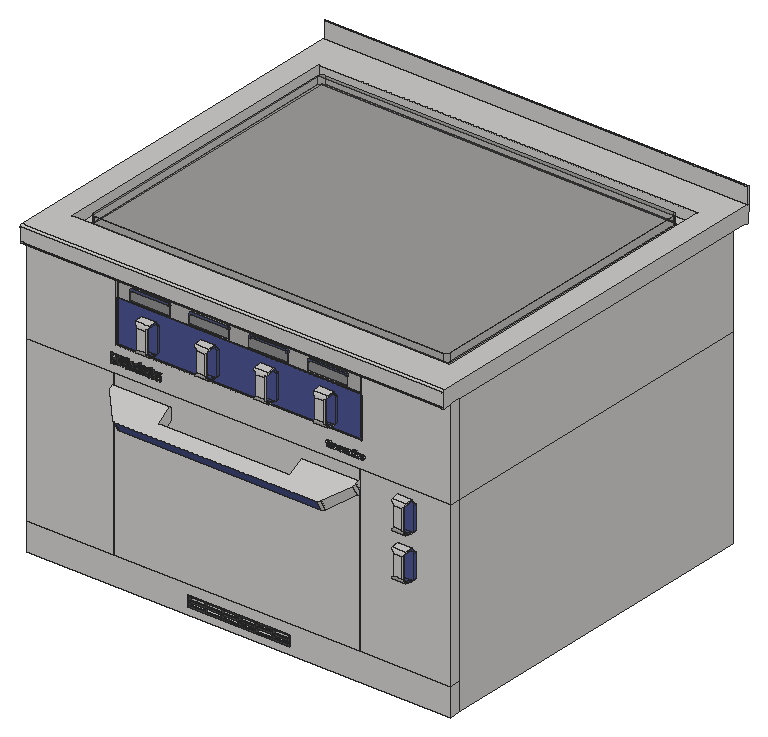
Revit family "QF_ELECTROLUXPROFESSIONAL_589662_MCTGEBJ8AO", category Attrezzature speciali, Revit 2020 (continued)
Definition of nested family "Front_Panel_W1000_4 Knobs"
  Definition of nested family "ELX_Professional_Logo_Small"
    Forms (mm)
      Extrusion 2, solid, material <- "Material_Logo"
        sketch origin (15.5, 0, 0) x (1, 0, 0) y (0, 1, 0)
          loop
            spline (0.056, 1.901) -> (0.079, 2.316) -> (0.145, 2.703) -> (0.254, 3.06) -> (0.404, 3.386) -> (0.592, 3.679) -> (0.818, 3.938) -> (1.08, 4.162) -> (1.375, 4.348) -> (1.703, 4.495) -> (2.062, 4.602) -> (2.45, 4.668) -> (2.865, 4.69)
            line (2.865, 4.69) -> (3.898, 4.586) -> (3.898, 6.983)
          loop
            spline (15.638, 1.633) -> (15.586, 2.396) -> (15.435, 3.124) -> (15.192, 3.81) -> (14.863, 4.449) -> (14.455, 5.034) -> (13.975, 5.56) -> (13.43, 6.021) -> (12.826, 6.411) -> (12.17, 6.724) -> (11.469, 6.955) -> (10.729, 7.098) -> (9.958, 7.147)
            spline (9.958, 7.147) -> (9.182, 7.098) -> (8.44, 6.955) -> (7.737, 6.724) -> (7.081, 6.411) -> (6.477, 6.021) -> (5.933, 5.56) -> (5.454, 5.034) -> (5.048, 4.449) -> (4.721, 3.81) -> (4.479, 3.124) -> (4.329, 2.396) -> (4.277, 1.633)
            spline (4.277, 1.633) -> (4.329, 0.869) -> (4.479, 0.141) -> (4.721, -0.544) -> (5.048, -1.183) -> (5.454, -1.768) -> (5.933, -2.294) -> (6.477, -2.755) -> (7.081, -3.145) -> (7.737, -3.459) -> (8.44, -3.69) -> (9.182, -3.833) -> (9.958, -3.882)
            spline (9.958, -3.882) -> (10.729, -3.833) -> (11.469, -3.69) -> (12.17, -3.459) -> (12.826, -3.145) -> (13.43, -2.755) -> (13.975, -2.294) -> (14.455, -1.768) -> (14.863, -1.183) -> (15.192, -0.544) -> (15.435, 0.141) -> (15.586, 0.869) -> (15.638, 1.633)
          loop
            spline (13.18, 1.633) -> (13.151, 2.083) -> (13.067, 2.513) -> (12.932, 2.918) -> (12.748, 3.296) -> (12.52, 3.642) -> (12.251, 3.954) -> (11.943, 4.227) -> (11.601, 4.459) -> (11.228, 4.645) -> (10.828, 4.782) -> (10.403, 4.867) -> (9.958, 4.896)
            spline (9.958, 4.896) -> (9.509, 4.867) -> (9.081, 4.782) -> (8.679, 4.645) -> (8.306, 4.459) -> (7.964, 4.227) -> (7.658, 3.954) -> (7.39, 3.642) -> (7.163, 3.296) -> (6.981, 2.918) -> (6.847, 2.513) -> (6.765, 2.083) -> (6.736, 1.633)
            spline (6.736, 1.633) -> (6.765, 1.182) -> (6.847, 0.753) -> (6.981, 0.347) -> (7.163, -0.031) -> (7.39, -0.377) -> (7.658, -0.689) -> (7.964, -0.962) -> (8.306, -1.193) -> (8.679, -1.38) -> (9.081, -1.517) -> (9.509, -1.602) -> (9.958, -1.631)
            spline (9.958, -1.631) -> (10.403, -1.602) -> (10.828, -1.517) -> (11.228, -1.38) -> (11.601, -1.193) -> (11.943, -0.962) -> (12.251, -0.689) -> (12.52, -0.377) -> (12.748, -0.031) -> (12.932, 0.347) -> (13.067, 0.753) -> (13.151, 1.182) -> (13.18, 1.633)
          loop
            line (17.162, 4.269) -> (17.162, -3.573) -> (19.642, -3.573) -> (19.642, 10.824) -> (17.162, 10.824) -> (17.162, 4.269)
          loop
            line (28.581, 6.838) -> (28.581, 0.786)
            spline (28.581, 0.786) -> (28.561, 0.393) -> (28.503, 0.038) -> (28.409, -0.279) -> (28.281, -0.559) -> (28.122, -0.802) -> (27.933, -1.011) -> (27.717, -1.185) -> (27.476, -1.325) -> (27.213, -1.433) -> (26.929, -1.509) -> (26.626, -1.554) -> (26.308, -1.569)
            spline (26.308, -1.569) -> (25.99, -1.554) -> (25.688, -1.509) -> (25.404, -1.434) -> (25.141, -1.326) -> (24.9, -1.187) -> (24.684, -1.014) -> (24.496, -0.807) -> (24.336, -0.565) -> (24.209, -0.288) -> (24.115, 0.026) -> (24.057, 0.376) -> (24.037, 0.765)
            line (24.037, 0.765) -> (24.037, 6.838) -> (21.537, 6.838) -> (21.537, 0.558)
            spline (21.537, 0.558) -> (21.581, -0.153) -> (21.71, -0.8) -> (21.916, -1.384) -> (22.195, -1.904) -> (22.54, -2.362) -> (22.944, -2.757) -> (23.403, -3.09) -> (23.909, -3.362) -> (24.456, -3.572) -> (25.04, -3.722) -> (25.652, -3.811) -> (26.288, -3.841)
            spline (26.288, -3.841) -> (26.929, -3.811) -> (27.547, -3.72) -> (28.135, -3.568) -> (28.687, -3.355) -> (29.197, -3.079) -> (29.66, -2.741) -> (30.068, -2.341) -> (30.415, -1.877) -> (30.696, -1.349) -> (30.905, -0.757) -> (31.034, -0.101) -> (31.079, 0.621)
            line (31.079, 0.621) -> (31.079, 6.838) -> (28.581, 6.838)
          loop
            line (40.457, -0.243) -> (38.894, 1.942) -> (40.83, 4.579) -> (42.488, 6.837) -> (39.782, 6.837) -> (37.53, 3.719) -> (35.258, 6.837) -> (32.573, 6.837) -> (34.113, 4.731) -> (36.167, 1.922) -> (34.014, -1.076) -> (32.222, -3.573) -> (34.887, -3.573) -> (37.53, 0.104) -> (40.174, -3.573) -> (42.839, -3.573) -> (40.457, -0.243)
          loop
            line (-46.121, -5.837) -> (-48.039, -5.837) -> (-48.039, -10.814) -> (-47.016, -10.814) -> (-47.016, -9.128) -> (-46.121, -9.128)
            arc (-46.121, -9.128) -> (-44.476, -7.482) -> (-46.121, -5.837) r 1.645
          loop
            line (-46.163, -6.778) -> (-47.016, -6.778) -> (-47.016, -8.187) -> (-46.163, -8.187)
            arc (-46.163, -8.187) -> (-45.458, -7.482) -> (-46.163, -6.778) r 0.704
          loop
            line (-38.313, -5.837) -> (-40.265, -5.837) -> (-40.265, -10.814) -> (-39.241, -10.814) -> (-39.241, -9.1) -> (-38.46, -9.182) -> (-37.48, -10.814) -> (-36.318, -10.814) -> (-37.513, -8.848)
            arc (-37.513, -8.848) -> (-36.888, -8.266) -> (-36.671, -7.441) r 1.536
            arc (-36.671, -7.441) -> (-37.165, -6.305) -> (-38.313, -5.837) r 1.643
          loop
            arc (-38.402, -8.166) -> (-37.707, -7.505) -> (-38.334, -6.778) r 0.696
            line (-38.334, -6.778) -> (-39.241, -6.778) -> (-39.241, -8.166) -> (-38.402, -8.166)
          loop
            circle (-29.965, -8.325) r 2.585
          loop
            circle (-29.965, -8.325) r 1.64
          loop
            line (-23.1, -5.837) -> (-23.1, -10.814) -> (-22.076, -10.814) -> (-22.076, -8.768) -> (-20.204, -8.768) -> (-20.204, -7.828) -> (-22.076, -7.828) -> (-22.076, -6.778) -> (-20.024, -6.778) -> (-20.024, -5.837) -> (-23.1, -5.837)
          loop
            line (-15.802, -5.837) -> (-15.802, -9.2)
            arc (-15.802, -9.2) -> (-15.343, -10.34) -> (-14.209, -10.814) r 1.593
            line (-14.209, -10.814) -> (-12.602, -10.814) -> (-12.602, -10.027) -> (-14.004, -10.027)
            arc (-14.004, -10.027) -> (-14.552, -9.8) -> (-14.779, -9.252) r 0.775
            line (-14.779, -9.252) -> (-14.779, -8.424) -> (-12.789, -8.424) -> (-12.789, -7.642) -> (-14.779, -7.642) -> (-14.779, -6.778) -> (-12.651, -6.778) -> (-12.651, -5.837) -> (-15.802, -5.837)
          loop
            line (-5.909, -7.143) -> (-5.173, -6.638)
            arc (-5.173, -6.638) -> (-5.855, -5.974) -> (-6.781, -5.755) r 1.782
            arc (-6.781, -5.755) -> (-7.397, -5.878) -> (-7.944, -6.189) r 1.974
            arc (-7.944, -6.189) -> (-8.202, -6.5) -> (-8.317, -6.888) r 1.013
            arc (-8.317, -6.888) -> (-8.306, -7.341) -> (-8.192, -7.78) r 1.985
            arc (-8.192, -7.78) -> (-7.749, -8.259) -> (-7.171, -8.563) r 1.928
            arc (-7.171, -8.563) -> (-6.637, -8.779) -> (-6.131, -9.056) r 5.041
            arc (-6.131, -9.056) -> (-5.934, -9.387) -> (-6.09, -9.74) r 0.42
            arc (-6.09, -9.74) -> (-6.631, -9.96) -> (-7.204, -9.845) r 1.016
            arc (-7.204, -9.845) -> (-7.625, -9.603) -> (-7.889, -9.196) r 1.033
            line (-7.889, -9.196) -> (-8.67, -9.686)
            arc (-8.67, -9.686) -> (-8.361, -10.198) -> (-7.908, -10.589) r 1.914
            arc (-7.908, -10.589) -> (-7.334, -10.834) -> (-6.714, -10.896) r 2.063
            arc (-6.714, -10.896) -> (-5.947, -10.743) -> (-5.256, -10.376) r 2.696
            arc (-5.256, -10.376) -> (-4.95, -9.565) -> (-5.108, -8.712) r 1.618
            arc (-5.108, -8.712) -> (-5.448, -8.319) -> (-5.884, -8.035) r 1.876
            arc (-5.884, -8.035) -> (-6.434, -7.789) -> (-6.999, -7.577) r 9.883
            arc (-6.999, -7.577) -> (-7.325, -7.07) -> (-6.854, -6.694) r 0.45
            arc (-6.854, -6.694) -> (-6.329, -6.809) -> (-5.909, -7.143) r 1.197
          loop
            line (1.61, -7.143) -> (2.345, -6.638)
            arc (2.345, -6.638) -> (1.663, -5.974) -> (0.737, -5.755) r 1.782
            arc (0.737, -5.755) -> (0.121, -5.878) -> (-0.425, -6.189) r 1.974
            arc (-0.425, -6.189) -> (-0.683, -6.5) -> (-0.799, -6.888) r 1.013
            arc (-0.799, -6.888) -> (-0.788, -7.341) -> (-0.674, -7.78) r 1.985
            arc (-0.674, -7.78) -> (-0.231, -8.259) -> (0.347, -8.563) r 1.928
            arc (0.347, -8.563) -> (0.881, -8.779) -> (1.387, -9.056) r 5.041
            arc (1.387, -9.056) -> (1.584, -9.387) -> (1.428, -9.74) r 0.42
            arc (1.428, -9.74) -> (0.887, -9.96) -> (0.314, -9.845) r 1.016
            arc (0.314, -9.845) -> (-0.107, -9.603) -> (-0.371, -9.196) r 1.033
            line (-0.371, -9.196) -> (-1.152, -9.686)
            arc (-1.152, -9.686) -> (-0.842, -10.198) -> (-0.39, -10.589) r 1.914
            arc (-0.39, -10.589) -> (0.184, -10.834) -> (0.804, -10.896) r 2.063
            arc (0.804, -10.896) -> (1.572, -10.743) -> (2.263, -10.376) r 2.696
            arc (2.263, -10.376) -> (2.568, -9.565) -> (2.411, -8.712) r 1.618
            arc (2.411, -8.712) -> (2.07, -8.319) -> (1.635, -8.035) r 1.876
            arc (1.635, -8.035) -> (1.084, -7.789) -> (0.519, -7.577) r 9.883
            arc (0.519, -7.577) -> (0.193, -7.07) -> (0.665, -6.694) r 0.45
            arc (0.665, -6.694) -> (1.189, -6.809) -> (1.61, -7.143) r 1.197
          loop
            line (6.801, -5.837) -> (6.801, -10.814) -> (7.825, -10.814) -> (7.825, -5.837) -> (6.801, -5.837)
          loop
            circle (14.724, -8.325) r 1.548
          loop
            circle (14.724, -8.325) r 2.585
          loop
            line (21.59, -10.814) -> (22.623, -10.814) -> (22.623, -7.685) -> (24.9, -10.814) -> (25.895, -10.814) -> (25.895, -5.837) -> (24.861, -5.837) -> (24.861, -9.061) -> (22.585, -5.837) -> (21.59, -5.837) -> (21.59, -10.814)
          loop
            line (31.054, -10.814) -> (31.539, -9.74) -> (33.38, -9.74) -> (33.865, -10.814) -> (34.965, -10.814) -> (32.46, -5.837) -> (29.956, -10.814) -> (31.054, -10.814)
          loop
            line (32.46, -7.698) -> (31.999, -8.719) -> (32.921, -8.719) -> (32.46, -7.698)
          loop
            line (40.047, -9.873) -> (40.047, -5.837) -> (39.024, -5.837) -> (39.024, -10.814) -> (41.961, -10.814) -> (41.961, -9.873) -> (40.047, -9.873)
          loop
            line (-74.986, -10.814) -> (-53.322, -10.814) -> (-53.322, 10.82) -> (-74.986, 10.82) -> (-74.986, -10.814)
          loop
            line (-61.261, 9.758) -> (-61.261, -9.707)
            arc (-61.261, -9.707) -> (-54.066, 0.025) -> (-61.261, 9.758) r 10.18
          loop
            line (-62.251, 8.349) -> (-62.251, 9.758)
            arc (-62.251, 9.758) -> (-70.347, 7.918) -> (-74.247, 0.59) r 9.976
            line (-74.247, 0.59) -> (-71.026, 0.59)
            arc (-71.026, 0.59) -> (-65.274, 2.925) -> (-62.251, 8.349) r 9.351
          loop
            arc (-74.247, -0.539) -> (-70.353, -7.928) -> (-62.251, -9.957) r 10.237
            line (-62.251, -9.957) -> (-62.251, -8.298)
            arc (-62.251, -8.298) -> (-65.274, -2.874) -> (-71.026, -0.539) r 9.351
            line (-71.026, -0.539) -> (-74.247, -0.539)
        from 0 to 1.644
    Dimensions and locks
      aligned and locked: plane 2 to Extrusion 1
      aligned and locked: level to Extrusion 1
